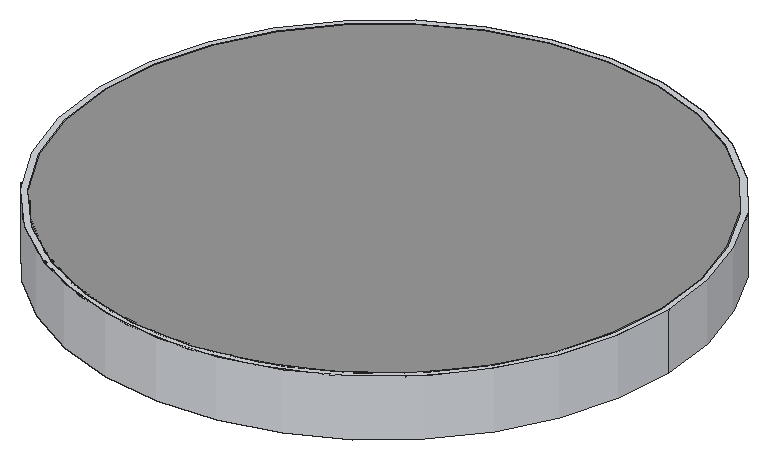
Revit family "2071220", category Lighting Fixtures, host Face, Revit 2018
Family settings
  Host = Face
  Round Connector Dimension = Use Diameter
  Part Type = Normal
  OmniClass Number = 23.80.70.00
  OmniClass Title = Lighting
  Cut with Voids When Loaded = No
  Light Source = Yes
  Shared = No
  Room Calculation Point = No
Parameters (values of type "2071220 COLOSSAL 600 840 PR DIR+H WHT SSC")
  iner diameter = 588 mm
  Weight = "n/a"
  Wattage Comments = ""
  Wattage = 30 W
  WarrantyStartDate [instance] = "n/a"
  WarrantyGuarantorParts = "n/a"
  WarrantyDurationUnit = "n/a"
  WarrantyDurationParts = ""
  WarrantyDescription = "http://www.sylvania-lighting.com"
  built-in parameter 1150110 = 1 (stored number, unit not read)
  Voltage = 230 V
  URL = "0.99"
  TypeName = "COLOSSAL 600mm 840 PRISM DIR+HAL WHITE SSC"
  Type Image = <None>
  Type Comments = "n/a"
  built-in parameter 1114217 = 1 (stored number, unit not read)
  Tilt Angle = -90.00°
  built-in parameter 1150109 = 1 (stored number, unit not read)
  built-in parameter 1150134 = (empty or 0)
  built-in parameter 1150113 = 1 (stored number, unit not read)
  SerialNumber [instance] = "n/a"
  Photometric Web File = "2071220.ies"
  Material_3_SYL = LED-Sylvania
  PowerFactor = 0
  PowerConsumption = "Lighting"
  NominalLength = 600 mm
  NominalHeight = 93 mm
  NominalDepth = 600 mm
  Name = "COLOSSAL 600mm 840 PRISM DIR+HAL WHITE SSC"
  ModelReference = Name  # "COLOSSAL 600mm 840 PRISM DIR+HAL WHITE SSC"
  ModelNumber = "2071220"
  Model = Name  # "COLOSSAL 600mm 840 PRISM DIR+HAL WHITE SSC"
  Material = "Feilo Sylvania"
  ManufacturerName = "131 lm/W"
  Manufacturer = ""
  LuminousEfficacy = ""
  built-in parameter 1150105 = 270.44 (stored number, unit not read)
  Lumens = 3398.4 lm
  LuminaireType = "0"
  built-in parameter 1150115 = 1 (stored number, unit not read)
  LightOutputRatio = "LED"
  built-in parameter 1150137 = (empty or 0)
  built-in parameter 1150139 = (empty or 0)
  LampsType = Lamp  # "n/a"
  LampNominalLuminous = "4000 K"
  LampMacAdamStep = "80"
  LampColourTemperature = "LED"
  LampColourRenderingIndex = "16500"
  built-in parameter 1150112 = 1 (stored number, unit not read)
  built-in parameter 1150114 = 1 (stored number, unit not read)
  Lamp = "n/a"
  Keynote = "n/a"
  InstallationDate [instance] = "n/a"
  InputVoltage = "0"
  InputNominalFrequency = "4000"
  built-in parameter 1150132 = (empty or 0)
  built-in parameter 1150102 = (empty or 0)
  built-in parameter 1150107 = 3000 (stored number, unit not read)
  built-in parameter 1150138 = (empty or 0)
  IngressProtection = "IfcLightFixtureType"
  ImpactProtectionIndex = "IfcLightFixtureType"
  built-in parameter 1150106 = 2.7044 (stored number, unit not read)
  IfcExportType = "IfcLightFixtureType"
  IfcExportAs = "Class I"
  Emit from Circle Diameter = 385 mm
  Emit Shape Visible in Rendering = no
  ElectricShockClassification = "131"
  built-in parameter 1150104 = 10.524 (stored number, unit not read)
  DocumentationLiterature = "http://www.sylvania-lighting.com/product/en-int/products/2071220"
  DimmingControlOptions = "n/a"
  Material_2_SYL = Polycarbonate_Sylvania_White
  Dimming Lamp Color Temperature Shift = <None>
  Description = "600mm diameter circular architectural luminaire, can be surface mounted or suspended. Powder coated aluminium housing (RAL9016) with PMMA prismatic diffuser. Direct/indirect (halo) light distribution, 4090lm luminuous flux, 31.3W system power, 131lm/W luminiaire efficacy. Sylsmart Standalone enabled. Colour rendering index Ra >80, 4000K Neutral White LED, chromaticity tolerance of 3-step MacAdam ellipse. IP40, IK03. 350mA drive current. UGR≤19. Electrical protection Class1, 220-240V. Reported lifetime 66k hours L90B10."
  Default Elevation = 1219.2 mm
  CreatedOn = "23/03/2022"
  CreatedBy = "@sylvania-lighting.com"
  Cost = 0
  Color Filter = 16777215
  built-in parameter 1114216 [instance] = (empty or 0)
  ClassificationValue = "EF_70_80"
  ClassificationName = "Uniclass2015"
  Material_1_SYL = Polycarbonate_Sylvania_Opal
  BarCode [instance] = "n/a"
  built-in parameter 1114218 = 1 (stored number, unit not read)
  built-in parameter 1150133 = 10 (stored number, unit not read)
  AssetType = "Fixed"
  AssetIdentifier [instance] = "n/a"
  Assembly Code = "D5020200"
  Apparent Load = 31.3 VA
  Material_4_SYL = none
Reference planes
  plane 1 "Center (Front/Back)": y = 0
  plane 2: z = 0
  plane 3 "Center (Left/Right)": x = 0
  plane 4: x = -300
  plane 5: x = 300
  plane 6: y = 300
  plane 7: y = -300
  plane 8: y = 212
  plane 9: y = -212
  plane 10: z = 93
  plane 11: y = 294
  plane 12: y = -294
  plane 13: through (0, 0, 1219.2) normal (0.5, -0.866, 0)
  plane 14: through (-134.29, 20.617, 1219.2) normal (0.5, -0.866, 0)
  plane 15: through (-144.685, -181.683, 1219.2) normal (-0.5, 0.866, 0)
  plane 16: through (0, 0, 1219.2) normal (0.5, 0.866, 0)
  plane 17: through (178.555, -4.939, 1219.2) normal (0.5, 0.866, 0)
  plane 18: through (87.581, -148.715, 1219.2) normal (0.5, 0.866, 0)
  plane 19: y = 272
  plane 20: through (105.168, 227.067, 1219.2) normal (0.866, 0.5, 0)
  plane 21: through (-104.171, 225.672, 1219.2) normal (0.8572, -0.515, 0)
  plane 22: y = -204.612
  plane 23: through (-296.643, -30.2, 1219.2) normal (0.866, 0.5, 0)
  plane 24: through (153.092, -278.837, 1219.2) normal (-0.866, 0.5, 0)
Forms (mm)
  Extrusion 1, solid, detail levels medium+fine
    sketch origin (0, 0, 0) x (1, 0, 0) y (0, 1, 0)
      loop
        circle (0, 0) r 300
    from 33.023 to 93
  Extrusion 2, void
    sketch origin (0, 0, 0) x (1, 0, 0) y (0, 1, 0)
      loop
        circle (0, 0) r 294
    from 93 to 37.292
  Extrusion 3, solid, material "Glass, White, High Luminance", detail levels fine
    sketch origin (0, 0, 0) x (1, 0, 0) y (0, 1, 0)
      loop
        circle (0, 0) r 294
    from 88.026 to 93
  Extrusion 4, solid, detail levels coarse
    sketch origin (0, 0, 0) x (1, 0, 0) y (0, 1, 0)
      loop
        line (-300, 300) -> (-300, -300) -> (300, -300) -> (300, 300) -> (-300, 300)
    from 0 to 93
  Blend 5, solid, detail levels medium+fine
    base sketch origin (0, 0, 0) x (1, 0, 0) y (0, 1, 0)
      loop
        line (-76.334, 272) -> (-277.665, -63.07) -> (-195.946, -204.612) -> (195.946, -204.612) -> (275.172, -67.388) -> (79.226, 272) -> (-76.334, 272)
    top sketch origin (0, 0, 0) x (1, 0, 0) y (0, 1, 0)
      loop
        line (-226.097, -32.388) -> (-141.097, -179.612) -> (141.097, -179.612) -> (226.097, -32.388) -> (85, 212) -> (-85, 212) -> (-226.097, -32.388)
    from 33.023 to 0
Cuts and joins
  Extrusion 2 cuts Extrusion 1
Lines and regions (mm)
  model lines
    curve 1: line (-85, 212, 0) -> (0, 212, 0)
    curve 2: line (0, 212, 0) -> (85, 212, 0)
Dimensions and locks
  "NominalDepth": plane 6 to plane 7
  "NominalLength": plane 4 to plane 5
  equal spacing: plane 4, plane 3 "Center (Left/Right)", plane 5
  "iner diameter": plane 11 to plane 12
  equal spacing: plane 11, plane 1 "Center (Front/Back)", plane 12
  equal spacing: plane 6, plane 1 "Center (Front/Back)", plane 7
  "NominalHeight": plane 10 to level
  radius of Extrusion 2 sketch curve = 294 mm
  aligned and locked: plane 2 to host face
  aligned and locked: level to host face
Automatic sketch dimensions
  host sketch curve to host sketch curve = 2438.4 mm  (x2)
  plane 1 "Center (Front/Back)" to Extrusion 1 sketch curve = 0 mm
  Extrusion 1 sketch curve to plane 3 "Center (Left/Right)" = 0 mm
  plane 1 "Center (Front/Back)" to Extrusion 2 sketch curve = 0 mm
  Extrusion 2 sketch curve to plane 3 "Center (Left/Right)" = 0 mm
  plane 1 "Center (Front/Back)" to Extrusion 3 sketch curve = 0 mm
  Extrusion 3 sketch curve to plane 3 "Center (Left/Right)" = 0 mm
  Extrusion 4 sketch curve to plane 4 = 0 mm
  Extrusion 4 sketch curve to plane 5 = 0 mm
  Extrusion 4 sketch curve to plane 7 = 0 mm
  Extrusion 4 sketch curve to plane 6 = 0 mm
  Blend 5 sketch curve to plane 8 = 0 mm
  Blend 5 sketch curve to plane 3 "Center (Left/Right)" = 85 mm
  plane 3 "Center (Left/Right)" to Blend 5 sketch curve = 85 mm
  plane 9 to Blend 5 sketch curve = 32.388 mm
  plane 3 "Center (Left/Right)" to Blend 5 sketch curve = 141.097 mm
  plane 1 "Center (Front/Back)" to Blend 5 sketch curve = 32.388 mm  (x2)
  Blend 5 sketch curve to plane 5 = 73.903 mm
  Blend 5 sketch curve to plane 3 "Center (Left/Right)" = 141.097 mm
  plane 4 to Blend 5 sketch curve = 73.903 mm
  curve 1 to plane 8 = 0 mm
  curve 2 to plane 3 "Center (Left/Right)" = 0 mm
  curve 1 to plane 3 "Center (Left/Right)" = 85 mm
  curve 1 to curve 2 = 85 mm
  Blend 5 sketch curve to plane 21 = 0 mm
  Blend 5 sketch curve to plane 23 = 0 mm  (x2)
  Blend 5 sketch curve to plane 22 = 0 mm
  Blend 5 sketch curve to plane 19 = 0 mm
  plane 21 to Blend 5 sketch curve = 0 mm
  Blend 5 sketch curve to plane 20 = 0 mm  (x2)
  Blend 5 sketch curve to plane 24 = 0 mm  (x2)
  radius of Extrusion 1 sketch curve = 300 mm
  radius of Extrusion 3 sketch curve = 294 mm
Connectors
  electrical at (0, 0, 0), driven by "Apparent Load", driven by "PowerFactor", driven by "Voltage"
    settings: index 1, voltage 230 V, apparent load 31.3 VA, apparent load phase1 0 VA, apparent load phase2 0 VA, apparent load phase3 0 VA, power factor 0, load classification "Lighting", number of poles 1, system type 30, power factor state 1, is connector primary yes, connector utility no, sub classification motor no, connector description ""
